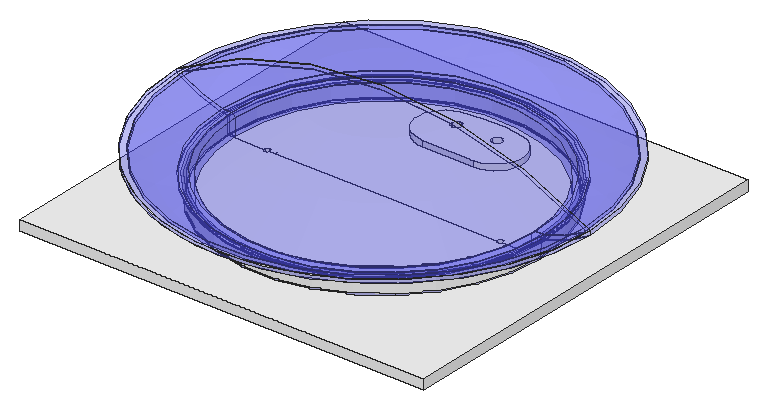
Revit family "BE_51237_de_DE", category Leuchten, Revit 2020
Family settings
  Basisbauteil = Fläche
  Bemaßung runder Anschluss = Durchmesser verwenden
  Teiletyp = Normal
  Beim Laden mit Abzugskörper schneiden = Ja
  Lichtquelle = Ja
  Gemeinsam genutzt = Nein
  Raumberechnungspunkt = Ja
Parameters (values of type "BEGA_51237_K3")
  built-in parameter 1150104 = 13.681 (stored number, unit not read)
  Wattage = 16.4 W
  Default Elevation = 0 mm
  built-in parameter 1150113 = 1 (stored number, unit not read)
  built-in parameter 1114218 = 1 (stored number, unit not read)
  Umgebungstemperatur = "25 °C"
  URL = "https://www.bega.com/de/produkt/51237"
  Typenkommentare = "© 2023 BEGA. Wir behalten uns das Recht vor, technische Änderungen ohne vorherige Ankündigung vorzunehmen."  # constant formula
  built-in parameter 1150134 = (empty or 0)
  built-in parameter 1150109 = 1 (stored number, unit not read)
  Strom = ""
  built-in parameter 1150110 = 1 (stored number, unit not read)
  Spannung = 230 V
  Sonderanfertigung = no
  Seriennummer [instance] = "Hier können Sie die eindeutige Seriennummer für das Facility Management eintragen."
  Schutzklasse = "I"
  Schutzart = "IP 20"
  Scheinlast = 0 VA
  Produktdatenblatt = "https://cdn.bega.com/bega/products/51237K27/current/documents/data-sheets/de"
  Oberflächentemperatur = ""
  Neigungswinkel = 0.00°
  Modell = "51237K3"
  Material_34 = BEGA_Oberfläche_Samtweiss_matt
  Material_11 = BEGA_Glas_opal
  M_W = no
  M_G = no
  M_A = no
  Logo = 0
  built-in parameter 1114217 = 1 (stored number, unit not read)
  built-in parameter 1150139 = (empty or 0)
  built-in parameter 1150105 = 2415.1 (stored number, unit not read)
  built-in parameter 1150114 = 1 (stored number, unit not read)
  Lumens = 2415.06 lm
  built-in parameter 1150115 = 1 (stored number, unit not read)
  Leuchtenlichtstrom = "1803 lm"
  Leuchtenanzahl = ""
  Lebensdauerkriterien = "L70B50 @ 25 °C = 200000 h"
  Lastklassifizierung = Beleuchtung
  built-in parameter 1150112 = 1 (stored number, unit not read)
  Lampenlichtstrom = "2415 lm"
  Lampe = "LED 16.4 W"
  LED_Modulbezeichnung = "LED-0511/930"
  Hersteller = "BEGA"  # constant formula
  Halbstreuwinkel = ""
  Gewicht = "3.5 kg"
  Gebrauchslageneinschränkung [instance] = ""
  Frequenz = "50 Hz"
  Farbwiedergabeindex = "CRI > 90"
  Farbtemperaturverschiebung bei Dämpfen der Lampe = <Keine Auswahl>
  Farbtemperatur = "3000 K"
  Color Filter = 16777215
  built-in parameter 1150133 = 10 (stored number, unit not read)
  Energieeffizienzklasse = "LED A++ - A"
  built-in parameter 1150137 = (empty or 0)
  built-in parameter 1150132 = (empty or 0)
  ENEC = ""
  Dimmbar [instance] = ""
  Datei für fotometrisches Netz = "BE_51237K3.ies"
  CE_Konformität = "ja"
  Bestellnummer = "51237K3"
  Beschreibung_Sonderanfertigung = "Hier können Sie Informationen zur Sonderanfertigung eintragen."
  Beschreibung = "Decken- und Wandleuchte"
  built-in parameter 1150106 = 24.151 (stored number, unit not read)
  Befestigungsbohrung = "Ø 5,5 mm"
  Befestigungsabstand = "230 mm"
  Ballwurfsicher = ""
  BEGA_Intern_aus = yes
  BEGA_Intern_an = yes
  BEGA_Intern_Konstruktion = yes
  BEGA_Intern = yes
  BEGA_IES = yes
  BEGA_Dummy = no
  Anschlussleitung = ""
  Anschlussleistung [instance] = "21.5 W"
  Anschlusskasten = ""
  built-in parameter 1150107 = 3000 (stored number, unit not read)
  built-in parameter 1150102 = (empty or 0)
  built-in parameter 1150138 = (empty or 0)
  Aktualisierung = "2023-01-24T04:00:04"
  Abstand_zur_angestrahlten_Fläche [instance] = ""
  AC/DC = "AC"
Types (2, lengths in mm): name | built-in parameter 1150104 | Modell | built-in parameter 1150105 | Lumens | Leuchtenlichtstrom | Lampenlichtstrom | LED_Modulbezeichnung | Farbtemperatur | Datei für fotometrisches Netz | Bestellnummer | built-in parameter 1150106 | built-in parameter 1150107
  BEGA_51237_K27 | 13.228 (stored number, unit not read) | "51237K27" | 185.82 (stored number, unit not read) | 2335.03 lm | "1743 lm" | "2335 lm" | "LED-0511/927" | "2700 K" | "BE_51237K27.ies" | "51237K27" | 1.8582 (stored number, unit not read) | 2700 (stored number, unit not read)
  BEGA_51237_K3 | 13.681 (stored number, unit not read) | "51237K3" | 2415.1 (stored number, unit not read) | 2415.06 lm | "1803 lm" | "2415 lm" | "LED-0511/930" | "3000 K" | "BE_51237K3.ies" | "51237K3" | 24.151 (stored number, unit not read) | 3000 (stored number, unit not read)
Reference planes
  plane 1 "Mitte (Vorne/Hinten)": y = 0
  plane 2: z = 0
  plane 3 "Mitte (Links/Rechts)": x = 0
  plane 4 "Links": x = -205
  plane 5 "Rechts": x = 205
  plane 6 "Unten": y = -205
  plane 7 "Oben": y = 205
  plane 8 "Vorne": z = 100.8
  plane 9 "Hinten": z = 0
Forms (mm)
  Extrusion 1, solid, material "BEGA_Platte_Weiss"
    sketch origin (0, -1119.2, 0) x (1, 0, 0) y (0, 1, 0)
      loop
        line (-200, 1319.2) -> (-200, 919.2) -> (200, 919.2) -> (200, 1319.2) -> (-200, 1319.2)
    from 0 to -10
  Extrusion 2, solid, material "BEGA_Dummy_matt", visible <- "BEGA_Dummy"
    sketch origin (77.149, -76.023, 0) x (1, 0, 0) y (0, 1, 0)
      loop
        circle (-77.149, 76.023) r 205
    from 0 to 100.8
Dimensions and locks
  plane 1 "Mitte (Vorne/Hinten)" to Extrusion 1 = 200 mm
  aligned and locked: plane 2 to Extrusion 1
  aligned and locked: level to Extrusion 1
Nested families
  nested 1: "BE_51237_Leuchte" at (0, 0, 0), type "BE_51237_Leuchte"
Connectors
  electrical at (0, 0, 0), driven by "Lastklassifizierung", driven by "Spannung", driven by "Scheinlast"
    settings: index 1, voltage 230 V, apparent load 0 VA, apparent load phase1 0 VA, apparent load phase2 0 VA, apparent load phase3 0 VA, power factor 1, load classification "Beleuchtung", number of poles 1, system type 31, power factor state 1, is connector primary yes, connector utility no, sub classification motor no, connector description ""
Definition of nested family "BE_51237_Leuchte"
  Parameters (values of type "BE_51233_Leuchte")
    Default Elevation = 1 mm
    URL = "http://www.bega.de/de/produkt"
    Type Comments = "© 2015 BEGA. Wir behalten uns das Recht vor, technische Änderungen ohne vorherige Ankündigung vorzunehmen. "  # constant formula
    Type Image = (empty or 0)
    Material_34 = none
    Material_11 = none
    Länge_Platte = 200 mm  # constant formula
    Höhe_Platte = -10 mm  # constant formula
    Manufacturer = "BEGA"  # constant formula
    Breite_Platte = 200 mm  # constant formula
  Reference planes
    plane 1 "Mitte (Oben/Unten)": y = 0
    plane 2: z = 0
    plane 3 "Mitte (Links/Rechts)": x = 0
    plane 4: z = 100.8
    plane 5: x = -205
    plane 6: x = 205
    plane 7: z = 0
    plane 8: y = 205
    plane 9: y = -205
  Forms (mm)
    Extrusion 1, solid, detail levels medium
      sketch origin (0, 0, 0) x (1, 0, 0) y (0, 1, 0)
        loop
          line (-100, 100) -> (-100, -100) -> (100, -100) -> (100, 100) -> (-100, 100)
      from 0 to -10 <- "Höhe_Platte"
    Revolve 2, solid, material <- "Material_34"
      sketch origin (0, 0, 0) x (1, 0, 0) y (0, 0, 1)
        loop
          arc (156.831, 20.8) -> (155.563, 20.284) -> (155.024, 19.025) r 1.8
          line (155.024, 19.025) -> (154.767, 4.283)
          arc (154.767, 4.283) -> (154.468, 3.587) -> (153.767, 3.3) r 1
          line (153.767, 3.3) -> (0, 3.3) -> (0, 2.3) -> (153.767, 2.3)
          arc (153.767, 2.3) -> (155.169, 2.873) -> (155.767, 4.265) r 2
          line (155.767, 4.265) -> (156.024, 19.01)
          arc (156.024, 19.01) -> (156.264, 19.571) -> (156.829, 19.8) r 0.8
          line (156.829, 19.8) -> (159, 19.8) -> (159, 20.8) -> (156.831, 20.8)
        axis (0, 2.3) -> (0, 20.8)
      angle from 0 to 360
    Extrusion 3, solid, material <- "Material_34"
      sketch origin (0, 0, 0) x (1, 0, 0) y (0, 1, 0)
        loop
          circle (-115, 0) r 7.599
        loop
          circle (115, 0) r 7.599
      from 0 to 2.3
    Extrusion 4, void
      sketch origin (0, 0, 0) x (1, 0, 0) y (0, 1, 0)
        loop
          circle (-115, 0) r 2.75
        loop
          circle (115, 0) r 2.75
      from 0 to 3.3
    Extrusion 5, solid, material <- "Material_34"
      sketch origin (0, 0, 0) x (1, 0, 0) y (0, 1, 0)
        loop
          arc (31.165, 132.763) -> (0, 136.372) -> (-31.165, 132.763) r 136.372
          arc (-31.165, 132.763) -> (-51.798, 103.397) -> (-25, 79.523) r 26.977
          line (-25, 79.523) -> (25, 79.523)
          arc (25, 79.523) -> (51.798, 103.397) -> (31.165, 132.763) r 26.977
      from 3.3 to 8.8
    Extrusion 6, void
      sketch origin (0, 0, 0) x (1, 0, 0) y (0, 1, 0)
        loop
          circle (-20, 115) r 5
        loop
          circle (20, 115) r 5
      from 2.279 to 8.8
    Revolve 7, solid, material <- "Material_11"
      sketch origin (0, 0, 0) x (1, 0, 0) y (0, 0, 1)
        loop
          line (0, 100.9) -> (0, 96.902)
          arc (0, 96.902) -> (102.409, 83.43) -> (197.85, 43.932) r 395.997
          arc (197.85, 43.932) -> (198.851, 42.176) -> (197.809, 40.444) r 2
          arc (197.809, 40.444) -> (179.308, 31.05) -> (159.473, 24.954) r 121.001
          line (159.473, 24.954) -> (150.807, 24.5)
          arc (150.807, 24.5) -> (148.173, 23.575) -> (146.458, 21.373) r 4.956
          line (146.458, 21.373) -> (146.458, 4.9) -> (152.494, 4.9) -> (152.494, 20.583) -> (160, 20.976)
          arc (160, 20.976) -> (183.46, 28.449) -> (205, 40.375) r 125
          line (205, 40.375) -> (205, 44.375)
          arc (205, 44.375) -> (106.325, 86.51) -> (0, 100.9) r 400.002
        axis (0, 4.9) -> (0, 100.9)
      angle from 0 to 360
  Cuts and joins
    Extrusion 4, Extrusion 6 cuts Revolve 2
    Extrusion 4, Extrusion 6 cuts Extrusion 3
    Extrusion 6 cuts Extrusion 5
    joined: Revolve 2, Extrusion 3, Extrusion 5
  Dimensions and locks
    equal spacing: Extrusion 1 sketch curve, plane 3 "Mitte (Links/Rechts)", Extrusion 1 sketch curve
    equal spacing: Extrusion 1 sketch curve, plane 1 "Mitte (Oben/Unten)", Extrusion 1 sketch curve
    "Länge_Platte": Extrusion 1 sketch curve to Extrusion 1 sketch curve
    "Breite_Platte": Extrusion 1 sketch curve to Extrusion 1 sketch curve
    plane 1 "Mitte (Oben/Unten)" to Extrusion 1 = 100 mm  (x3)
    aligned and locked: plane 2 to Extrusion 1
    aligned and locked: level to Extrusion 1
  Automatic sketch dimensions
    level to Revolve 2 sketch curve = 20.8 mm
    Revolve 2 sketch curve to Revolve 2 sketch curve = 2.169 mm
    Revolve 2 sketch curve to Revolve 2 sketch curve = 1 mm  (x5)
    Revolve 2 sketch curve to Revolve 2 sketch curve = 0.002 mm
    Revolve 2 sketch curve to Revolve 2 sketch curve = 0.005 mm
    Revolve 2 sketch curve to Revolve 2 sketch curve = 0.8 mm  (x2)
    Revolve 2 sketch curve to Revolve 2 sketch curve = 0 mm  (x10)
    level to Revolve 2 sketch curve = 4.265 mm
    Revolve 2 sketch curve to Revolve 2 sketch curve = 0.257 mm
    level to Revolve 2 sketch curve = 4.283 mm
    Revolve 2 sketch curve to Revolve 2 sketch curve = 0.017 mm
    Revolve 2 sketch curve to plane 3 "Mitte (Links/Rechts)" = 0 mm
    Revolve 2 sketch curve to Revolve 2 sketch curve = 153.767 mm
    level to Revolve 2 sketch curve = 2.3 mm
    plane 1 "Mitte (Oben/Unten)" to Extrusion 5 sketch curve = 0 mm
    Extrusion 5 sketch curve to plane 3 "Mitte (Links/Rechts)" = 0 mm
    Extrusion 5 sketch curve to plane 3 "Mitte (Links/Rechts)" = 25 mm  (x2)
    Extrusion 5 sketch curve to plane 1 "Mitte (Oben/Unten)" = 106.5 mm
    Extrusion 5 sketch curve to Extrusion 5 sketch curve = 6.165 mm
    Extrusion 5 sketch curve to Extrusion 5 sketch curve = 0 mm  (x4)
    plane 3 "Mitte (Links/Rechts)" to Extrusion 5 sketch curve = 31.165 mm
    plane 3 "Mitte (Links/Rechts)" to Extrusion 5 sketch curve = 25 mm
    Extrusion 5 sketch curve to Extrusion 5 sketch curve = 50 mm
    Revolve 7 sketch curve to plane 3 "Mitte (Links/Rechts)" = 0.002 mm
    Revolve 7 sketch curve to plane 3 "Mitte (Links/Rechts)" = 0 mm  (x2)
    plane 3 "Mitte (Links/Rechts)" to Revolve 7 sketch curve = 133.977 mm
    Revolve 7 sketch curve to Revolve 7 sketch curve = 0 mm  (x3)
    level to Revolve 7 sketch curve = 4.9 mm
    Revolve 7 sketch curve to Revolve 7 sketch curve = 12.481 mm
    Revolve 7 sketch curve to Revolve 7 sketch curve = 4.609 mm
    Revolve 7 sketch curve to Revolve 7 sketch curve = 6.037 mm
    level to Revolve 7 sketch curve = 24.954 mm
    Revolve 7 sketch curve to Revolve 7 sketch curve = 6.979 mm
    level to Revolve 7 sketch curve = 20.976 mm
    Revolve 7 sketch curve to Revolve 7 sketch curve = 0.527 mm
    Revolve 7 sketch curve to Revolve 7 sketch curve = 37.378 mm
    Revolve 7 sketch curve to Revolve 7 sketch curve = 0.006 mm
    Revolve 7 sketch curve to Revolve 7 sketch curve = 1.425 mm
    Revolve 7 sketch curve to Revolve 7 sketch curve = 1.032 mm
    Revolve 7 sketch curve to Revolve 7 sketch curve = 17.246 mm
    Revolve 7 sketch curve to Revolve 7 sketch curve = 101.038 mm
    Revolve 7 sketch curve to Revolve 7 sketch curve = 1.687 mm
    Revolve 7 sketch curve to Revolve 7 sketch curve = 0.958 mm
    Revolve 7 sketch curve to Revolve 7 sketch curve = 7.15 mm
    Revolve 7 sketch curve to Revolve 7 sketch curve = 1.822 mm
    Revolve 7 sketch curve to Revolve 7 sketch curve = 4 mm
    Revolve 7 sketch curve to Revolve 7 sketch curve = 42.338 mm
